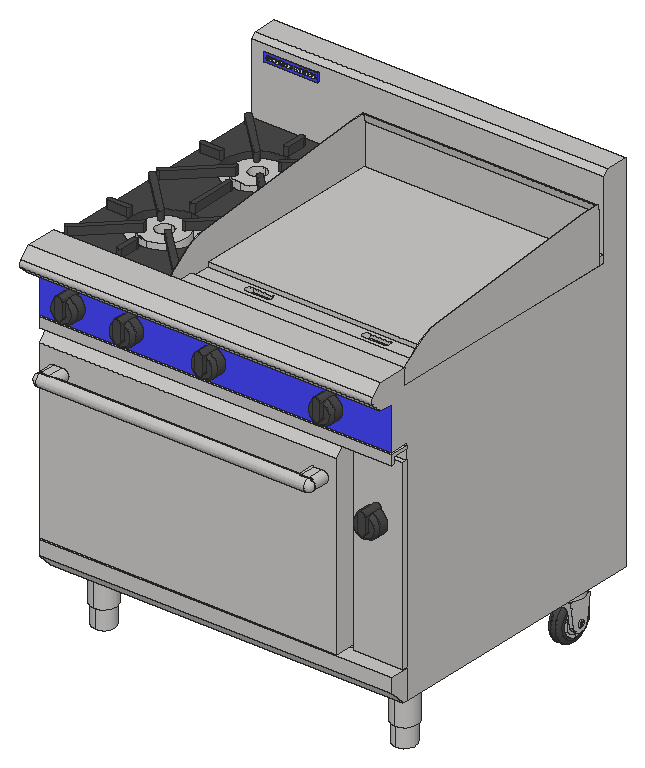
Revit family "QF_MOFFAT_BLUESEAL_CE_G56B", category Specialty Equipment, Revit 2012
Parameters
  Width = 900 mm  # constant formula
  Weight in Pounds = 467
  Watts = 130 W
  Volts = 230 V
  URL Cutsheet = "www.moffat.com"
  URL = "www.moffat.com"
  Type Mark [instance] = ""
  Status [instance] = ""
  Specification by User [instance] = ""
  Specification by Manufacturer = ""
  Show Logo [instance] = yes
  Show Clearance [instance] = yes
  Show Casters [instance] = yes
  Serial Number = ""
  Seismic Rating = ""
  SMACNA No = ""
  Revision Code [instance] = ""
  Phase = 1
  Omniclass Number and Title = ""
  Number of Poles [instance] = 1
  NAFEM Spec ID Number = ""
  Model = "G56B"
  Min Ckt Ampacity = 0 A
  Mechanical Remarks = ""
  Mechanical Connection Type [instance] = ""
  Max Overcurrent Protection = 0 A
  Masterspec = ""
  Manufacturer = "MOFFAT BLUESEAL"
  Legs [instance] = not(Show Casters)  # no
  Item Number [instance] = ""
  Installed By [instance] = ""
  Identify Quantity as Lot [instance] = yes
  Height = 970 mm  # constant formula
  HP = ""
  Gas Size = 3/4"
  Gas RI Height [instance] = 0 mm
  Gas KW [instance] = 35
  Gas Input [instance] = 119424.0 Btu/h
  Gas Connection Height = 0 mm
  Furnished By [instance] = ""
  Foodservice Equipment Identifier [instance] = yes
  FL Amps = 0.6 A
  Electrical Remarks = ""
  Electric Connection Type = ""
  Elec Conn RI Height = 0 mm
  Elec Conn Connection Height = 0 mm
  Description = "900MM GAS RANGE WITH CONVECTION OVEN"
  Depth = 812 mm  # constant formula
  Cycle = 60 Hz
  Conn Plug = ""
  Conn Conduit = yes
  CSI MasterFormat = ""
  CSI Master Format = ""
  Body Finish = QF_Finishes_Stainless Steel
  Apparent Power = 0 VA
Reference planes
  plane 1 "BACK": y = 0
  plane 2: z = 0
  plane 3 "LEFT": x = 0
  plane 4 "RIGHT": x = 900
  plane 5 "FRONT": y = -812
  plane 6 "TOP": z = 970
  plane 7 "Center Y": x = 450
  plane 8 "Center X": y = -406
  plane 9: x = 280
  plane 10: y = -574.272
  plane 11: x = 60
  plane 12: y = -304.972
  plane 13: y = -364.972
  plane 14: x = 74
  plane 15: y = -812
  plane 16: x = 834.5
  plane 17: y = -32
  plane 18: z = 655
  plane 19: y = -100
  plane 20: z = 1085
  plane 21: y = -705
  plane 22: x = 65.8
Forms (mm)
  Extrusion 1, solid, material "QF_Finishes_Stainless Steel" <- "Body Finish"
    sketch origin (0, 0, 0) x (0, 1, 0) y (0, 0, 1)
      loop
        line (0, 150) -> (0, 1085) -> (-57.5, 1085) -> (-70, 1072.5) -> (-70, 875) -> (-705, 875) -> (-705, 915) -> (-783.97, 915) -> (-808.476, 890.494)
        arc (-808.476, 890.494) -> (-811.994, 882) -> (-808.476, 873.506) r 12.013
        line (-808.476, 873.506) -> (-784.97, 850) -> (-749, 850) -> (-749, 740) -> (-699, 740) -> (-699, 150) -> (0, 150)
    from 0 to 900
  Extrusion 2, solid, material "QF_Finishes_Stainless Steel"
    sketch origin (0, 7, 0) x (0, 1, 0) y (0, 0, 1)
      loop
        line (-706, 700) -> (-732, 700) -> (-756, 676) -> (-756, 227.5) -> (-706, 227.5) -> (-706, 700)
    from 0 to 760
  Extrusion 3, solid, material "QF_Finishes_Stainless Steel"
    sketch origin (723.5, 7, 0) x (0, 1, 0) y (0, 0, 1)
      loop
        line (-706, 700) -> (-721, 700) -> (-721, 227.5) -> (-706, 227.5) -> (-706, 700)
    from 51.5 to 176.5
  Revolve 4, solid, material "QF_Finishes_Stainless Steel" <- "Body Finish"
    sketch origin (834.5, -696.126, 0) x (0, 1, 0) y (0, 0, -1)
      loop
        line (39.376, -150) -> (71.126, -150) -> (71.126, 0) -> (43.626, 0) -> (43.626, -50) -> (39.376, -50) -> (39.376, -150)
      axis (71.126, -150) -> (71.126, 0)
    angle from 0 to 360
  Revolve 5, solid, material "QF_Finishes_Stainless Steel" <- "Body Finish"
    sketch origin (65.5, -696.126, 0) x (0, 1, 0) y (0, 0, 1)
      loop
        line (39.376, 150) -> (39.376, 50) -> (43.626, 50) -> (43.626, 0) -> (71.126, 0) -> (71.126, 150) -> (39.376, 150)
      axis (71.126, 150) -> (71.126, 0)
    angle from 0 to 360
  Extrusion 6, solid, material "QF_Finishes_Stainless Steel"
    sketch origin (-64.5, 0, 325) x (1, 0, 0) y (0, 1, 0)
      loop
        circle (834.5, -32) r 10
    from 330 to 371
  Revolve 7, solid, material "QF_Finishes_Black"
    sketch origin (90.649, 45.874, -0.118) x (0, 1, 0) y (0, 0, -1)
      loop
        line (-827.874, -829.5) -> (-804.874, -829.5) -> (-804.874, -802) -> (-794.874, -802) -> (-794.874, -797) -> (-838.874, -797) -> (-838.874, -823.651) -> (-827.874, -829.5)
      axis (-838.874, -797) -> (-794.874, -797)
    angle from 0 to 360
  Revolve 8, solid, material "QF_Finishes_Black"
    sketch origin (240.649, 45.874, -0.118) x (0, 1, 0) y (0, 0, -1)
      loop
        line (-827.874, -829.5) -> (-804.874, -829.5) -> (-804.874, -802) -> (-794.874, -802) -> (-794.874, -797) -> (-838.874, -797) -> (-838.874, -823.651) -> (-827.874, -829.5)
      axis (-838.874, -797) -> (-794.874, -797)
    angle from 0 to 360
  Revolve 9, solid, material "QF_Finishes_Black"
    sketch origin (450, 45.874, -0.118) x (0, 1, 0) y (0, 0, -1)
      loop
        line (-827.874, -829.5) -> (-804.874, -829.5) -> (-804.874, -802) -> (-794.874, -802) -> (-794.874, -797) -> (-838.874, -797) -> (-838.874, -823.651) -> (-827.874, -829.5)
      axis (-838.874, -797) -> (-794.874, -797)
    angle from 0 to 360
  Extrusion 10, solid, material "QF_Finishes_Black"
    sketch origin (238.456, 7, -0.118) x (-1, 0, 0) y (0, 0, -1)
      loop
        arc (158.3, -789) -> (148.3, -779) -> (138.3, -789) r 10
        line (138.3, -789) -> (138.3, -824)
        arc (138.3, -824) -> (148.3, -834) -> (158.3, -824) r 10
        line (158.3, -824) -> (158.3, -789)
    from 759 to 808
  Extrusion 11, solid, material "QF_Finishes_Black"
    sketch origin (388.456, 7, -0.118) x (-1, 0, 0) y (0, 0, -1)
      loop
        arc (158.3, -789) -> (148.3, -779) -> (138.3, -789) r 10
        line (138.3, -789) -> (138.3, -824)
        arc (138.3, -824) -> (148.3, -834) -> (158.3, -824) r 10
        line (158.3, -824) -> (158.3, -789)
    from 759 to 808
  Extrusion 12, solid, material "QF_Finishes_Black"
    sketch origin (597.807, 7, -0.118) x (-1, 0, 0) y (0, 0, -1)
      loop
        arc (158.3, -789) -> (148.3, -779) -> (138.3, -789) r 10
        line (138.3, -789) -> (138.3, -824)
        arc (138.3, -824) -> (148.3, -834) -> (158.3, -824) r 10
        line (158.3, -824) -> (158.3, -789)
    from 759 to 808
  Revolve 13, solid, material "QF_Finishes_Black"
    sketch origin (836.851, 80.874, -245.743) x (0, 1, 0) y (0, 0, 1)
      loop
        line (-827.874, 829.5) -> (-838.874, 823.651) -> (-838.874, 797) -> (-794.874, 797) -> (-794.874, 802) -> (-804.874, 802) -> (-804.874, 829.5) -> (-827.874, 829.5)
      axis (-838.874, 797) -> (-794.874, 797)
    angle from 0 to 360
  Extrusion 14, solid, material "QF_Finishes_Black"
    sketch origin (689.044, 42, -245.743) x (1, 0, 0) y (0, 0, 1)
      loop
        line (158.3, 789) -> (158.3, 824)
        arc (158.3, 824) -> (148.3, 834) -> (138.3, 824) r 10
        line (138.3, 824) -> (138.3, 789)
        arc (138.3, 789) -> (148.3, 779) -> (158.3, 789) r 10
    from 759 to 808
  Extrusion 15, solid, material "QF_Door-Drawer Clearances", visible <- "Show Clearance", detail levels coarse
    sketch origin (0, 7, 0) x (0, -1, 0) y (0, 0, 1)
      loop
        line (756, 697.347) -> (756, 227.5) -> (1225.847, 227.5)
        arc (1225.847, 227.5) -> (1088.232, 559.732) -> (756, 697.347) r 469.847
    from 0 to -760
  Extrusion 16, void
    sketch origin (0, 0, 220) x (1, 0, 0) y (0, 1, 0)
      loop
        line (824, -87) -> (824, 0) -> (694, 0) -> (694, -39) -> (744, -87) -> (824, -87)
    from 0 to 476
  Extrusion 17, solid, material "QF_Finishes_Stainless Steel"
    sketch origin (0, -749, 227.5) x (0, 0, 1) y (-1, 0, 0)
      loop
        line (380.625, -38.246) -> (380.625, -58.528)
        arc (380.625, -58.528) -> (395.625, -73.528) -> (410.625, -58.528) r 15
        line (410.625, -58.528) -> (410.625, -38.246)
        arc (410.625, -38.246) -> (395.625, -23.246) -> (380.625, -38.246) r 15
      loop
        arc (380.625, -723.039) -> (395.625, -738.039) -> (410.625, -723.039) r 15
        line (410.625, -723.039) -> (410.625, -702.757)
        arc (410.625, -702.757) -> (395.625, -687.757) -> (380.625, -702.757) r 15
        line (380.625, -702.757) -> (380.625, -723.039)
    from 0 to 44
  Revolve 18, solid, material "QF_Finishes_Stainless Steel"
    sketch origin (0, -793, 0) x (1, 0, 0) y (0, 0, 1)
      loop
        arc (738.039, 623.125) -> (733.646, 633.732) -> (723.039, 638.125) r 15
        line (723.039, 638.125) -> (38.246, 638.125)
        arc (38.246, 638.125) -> (27.64, 633.732) -> (23.246, 623.125) r 15
        line (23.246, 623.125) -> (738.039, 623.125)
      axis (738.039, 623.125) -> (23.246, 623.125)
    angle from 0 to 360
  Extrusion 19, solid, material "QF_Finishes_Stainless Steel" <- "Body Finish"
    sketch origin (0, 7, 0) x (0, 1, 0) y (0, 0, 1)
      loop
        line (-756, 710) -> (-747.224, 710) -> (-749.613, 726.999) -> (-707.93, 726.999) -> (-707.93, 734.003) -> (-756, 734.003) -> (-756, 710)
    from 0 to 900
  Extrusion 20, solid, material "QF_Finishes_Stainless Steel" <- "Body Finish"
    sketch origin (0, 4.73, 0) x (0, 1, 0) y (0, 0, 1)
      loop
        line (-753.73, 222.5) -> (-753.73, 186) -> (-717.73, 150) -> (-703.73, 150) -> (-703.73, 222.5) -> (-753.73, 222.5)
    from 0 to 900
  Extrusion 21, solid, material "QF_Finishes_Stainless Steel", visible <- "Show Casters"
    sketch origin (71.501, 133.353, -8.783) x (0, 1, 0) y (0, 0, 1)
      loop
        line (-201.603, 118.783) -> (-265.103, 118.783) -> (-252.746, 53.895)
        arc (-252.746, 53.895) -> (-233.353, 38.783) -> (-213.959, 53.895) r 20
        line (-213.959, 53.895) -> (-201.603, 118.783)
    from -35.667 to 22.923
  Revolve 22, solid, material "QF_Finishes_Stainless Steel", visible <- "Show Casters"
    sketch origin (65, -203, 0) x (0, 1, 0) y (0, 0, 1)
      loop
        line (67.25, 150) -> (67.25, 110) -> (103, 110) -> (103, 150) -> (67.25, 150)
      axis (103, 150) -> (103, 110)
    angle from 0 to 360
  Revolve 23, solid, material "QF_Finishes_Stainless Steel", visible <- "Show Casters"
    sketch origin (834.5, -203, 0) x (0, 1, 0) y (0, 0, -1)
      loop
        line (67.25, -150) -> (103, -150) -> (103, -110) -> (67.25, -110) -> (67.25, -150)
      axis (103, -150) -> (103, -110)
    angle from 0 to 360
  Revolve 24, solid, material "QF_Finishes_Stainless Steel", visible <- "Show Casters"
    sketch origin (785.276, -99.755, -13.653) x (1, 0, 0) y (0, 0, 1)
      loop
        line (14.841, 64.453) -> (83.584, 64.453) -> (83.584, 67.958) -> (82.314, 69.228) -> (80.79, 69.228) -> (80.79, 72.674) -> (68.644, 72.674) -> (68.644, 82.639) -> (65.088, 84.692) -> (63.738, 93.028) -> (65.881, 93.028) -> (65.881, 99.378) -> (65.088, 99.378) -> (65.088, 105.728)
        arc (65.088, 105.728) -> (62.298, 112.463) -> (55.563, 115.253) r 9.525
        line (55.563, 115.253) -> (42.863, 115.253)
        arc (42.863, 115.253) -> (36.127, 112.463) -> (33.338, 105.728) r 9.525
        line (33.338, 105.728) -> (33.338, 99.378) -> (32.544, 99.378) -> (32.544, 93.028) -> (34.687, 93.028) -> (33.352, 84.781) -> (29.782, 82.719) -> (29.782, 72.674) -> (17.635, 72.674) -> (17.635, 69.228) -> (16.111, 69.228) -> (14.841, 67.958) -> (14.841, 64.453)
      axis (14.841, 64.453) -> (83.584, 64.453)
    angle from 0 to 360
  Extrusion 25, solid, material "QF_Finishes_Stainless Steel", visible <- "Show Casters"
    sketch origin (841.001, 133.353, -8.783) x (0, 1, 0) y (0, 0, 1)
      loop
        line (-201.603, 118.783) -> (-265.103, 118.783) -> (-252.746, 53.895)
        arc (-252.746, 53.895) -> (-233.353, 38.783) -> (-213.959, 53.895) r 20
        line (-213.959, 53.895) -> (-201.603, 118.783)
    from -35.667 to 22.923
  Revolve 26, solid, material "QF_Finishes_Stainless Steel", visible <- "Legs"
    sketch origin (65, -165, 0) x (0, 1, 0) y (0, 0, 1)
      loop
        line (33.25, 150) -> (33.25, 50) -> (37.5, 50) -> (37.5, 0) -> (65, 0) -> (65, 150) -> (33.25, 150)
      axis (65, 150) -> (65, 0)
    angle from 0 to 360
  Revolve 27, solid, material "QF_Finishes_Stainless Steel", visible <- "Legs"
    sketch origin (834.5, -165, 0) x (0, 1, 0) y (0, 0, -1)
      loop
        line (33.25, -150) -> (65, -150) -> (65, 0) -> (37.5, 0) -> (37.5, -50) -> (33.25, -50) -> (33.25, -150)
      axis (65, -150) -> (65, 0)
    angle from 0 to 360
  Revolve 28, solid, material "QF_Finishes_Stainless Steel", visible <- "Show Casters"
    sketch origin (114.224, -99.755, -13.653) x (-1, 0, 0) y (0, 0, -1)
      loop
        line (14.841, -64.453) -> (14.841, -67.958) -> (16.111, -69.228) -> (17.635, -69.228) -> (17.635, -72.674) -> (29.782, -72.674) -> (29.782, -82.719) -> (33.352, -84.781) -> (34.687, -93.028) -> (32.544, -93.028) -> (32.544, -99.378) -> (33.338, -99.378) -> (33.338, -105.728)
        arc (33.338, -105.728) -> (36.127, -112.463) -> (42.863, -115.253) r 9.525
        line (42.863, -115.253) -> (55.563, -115.253)
        arc (55.563, -115.253) -> (62.298, -112.463) -> (65.088, -105.728) r 9.525
        line (65.088, -105.728) -> (65.088, -99.378) -> (65.881, -99.378) -> (65.881, -93.028) -> (63.738, -93.028) -> (65.088, -84.692) -> (68.644, -82.639) -> (68.644, -72.674) -> (80.79, -72.674) -> (80.79, -69.228) -> (82.314, -69.228) -> (83.584, -67.958) -> (83.584, -64.453) -> (14.841, -64.453)
      axis (14.841, -64.453) -> (83.584, -64.453)
    angle from 0 to 360
  Extrusion 29, solid, material "QF_Finishes_Black"
    sketch origin (0, -70, 875) x (0, -1, 0) y (1, 0, 0)
      loop
        arc (1, 4) -> (1.879, 1.879) -> (4, 1) r 3
        line (4, 1) -> (632, 1)
        arc (632, 1) -> (634.121, 1.879) -> (635, 4) r 3
        line (635, 4) -> (635, 297)
        arc (635, 297) -> (634.121, 299.121) -> (632, 300) r 3
        line (632, 300) -> (4, 300)
        arc (4, 300) -> (1.879, 299.121) -> (1, 297) r 3
        line (1, 297) -> (1, 4)
      loop
        circle (167.5, 150) r 85
      loop
        circle (467.768, 150) r 85
    from 0 to 19.5
  Extrusion 30, solid, material "QF_Finishes_Black"
    sketch origin (0, -73.5, 894.5) x (0, -1, 0) y (1, 0, 0)
      loop
        spline (323.602, 15.153) -> (322.681, 13.924) -> (322.131, 12.47) -> (321.99, 10.89) -> (322.267, 9.292) -> (322.943, 7.786) -> (323.973, 6.473) -> (325.286, 5.443) -> (326.792, 4.767) -> (328.39, 4.49) -> (329.97, 4.631) -> (331.424, 5.181) -> (332.653, 6.102)
        line (332.653, 6.102) -> (440.576, 114.025)
        spline (440.576, 114.025) -> (441.337, 115.095) -> (441.738, 116.399) -> (441.751, 117.851) -> (441.375, 119.35) -> (440.637, 120.795) -> (439.586, 122.086) -> (438.295, 123.137) -> (436.85, 123.875) -> (435.351, 124.251) -> (433.899, 124.238) -> (432.595, 123.837) -> (431.525, 123.076)
        line (431.525, 123.076) -> (323.602, 15.153)
      loop
        spline (371.852, 143.6) -> (373.146, 143.818) -> (374.352, 144.457) -> (375.388, 145.475) -> (376.182, 146.8) -> (376.682, 148.344) -> (376.852, 150) -> (376.682, 151.656) -> (376.182, 153.2) -> (375.388, 154.525) -> (374.352, 155.543) -> (373.146, 156.182) -> (371.852, 156.4)
        line (371.852, 156.4) -> (259.398, 156.4)
        spline (259.398, 156.4) -> (258.104, 156.182) -> (256.898, 155.543) -> (255.862, 154.525) -> (255.068, 153.2) -> (254.568, 151.656) -> (254.398, 150) -> (254.568, 148.344) -> (255.068, 146.8) -> (255.862, 145.475) -> (256.898, 144.457) -> (258.104, 143.818) -> (259.398, 143.6)
        line (259.398, 143.6) -> (371.852, 143.6)
      loop
        line (311.398, 15.153) -> (203.475, 123.076)
        spline (203.475, 123.076) -> (202.405, 123.837) -> (201.101, 124.238) -> (199.649, 124.251) -> (198.15, 123.875) -> (196.705, 123.137) -> (195.414, 122.086) -> (194.363, 120.795) -> (193.625, 119.35) -> (193.249, 117.851) -> (193.262, 116.399) -> (193.663, 115.095) -> (194.424, 114.025)
        line (194.424, 114.025) -> (302.347, 6.102)
        spline (302.347, 6.102) -> (303.416, 5.341) -> (304.721, 4.941) -> (306.172, 4.928) -> (307.671, 5.303) -> (309.116, 6.041) -> (310.408, 7.092) -> (311.459, 8.384) -> (312.197, 9.829) -> (312.572, 11.328) -> (312.559, 12.779) -> (312.159, 14.084) -> (311.398, 15.153)
      loop
        line (323.602, 284.847) -> (431.525, 176.924)
        spline (431.525, 176.924) -> (432.595, 176.163) -> (433.899, 175.762) -> (435.351, 175.749) -> (436.85, 176.125) -> (438.295, 176.863) -> (439.586, 177.914) -> (440.637, 179.205) -> (441.375, 180.65) -> (441.751, 182.149) -> (441.738, 183.601) -> (441.337, 184.905) -> (440.576, 185.975)
        line (440.576, 185.975) -> (332.653, 293.898)
        spline (332.653, 293.898) -> (331.424, 294.819) -> (329.97, 295.369) -> (328.39, 295.51) -> (326.792, 295.233) -> (325.286, 294.557) -> (323.973, 293.527) -> (322.943, 292.214) -> (322.267, 290.708) -> (321.99, 289.11) -> (322.131, 287.53) -> (322.681, 286.076) -> (323.602, 284.847)
      loop
        spline (311.398, 284.847) -> (312.159, 285.916) -> (312.559, 287.221) -> (312.572, 288.672) -> (312.197, 290.171) -> (311.459, 291.616) -> (310.408, 292.908) -> (309.116, 293.959) -> (307.671, 294.697) -> (306.172, 295.072) -> (304.721, 295.059) -> (303.416, 294.659) -> (302.347, 293.898)
        line (302.347, 293.898) -> (194.424, 185.975)
        spline (194.424, 185.975) -> (193.663, 184.905) -> (193.262, 183.601) -> (193.249, 182.149) -> (193.625, 180.65) -> (194.363, 179.205) -> (195.414, 177.914) -> (196.705, 176.863) -> (198.15, 176.125) -> (199.649, 175.749) -> (201.101, 175.762) -> (202.405, 176.163) -> (203.475, 176.924)
        line (203.475, 176.924) -> (311.398, 284.847)
      loop
        spline (73.549, 143.6) -> (74.844, 143.818) -> (76.049, 144.457) -> (77.085, 145.475) -> (77.88, 146.8) -> (78.379, 148.344) -> (78.549, 150) -> (78.379, 151.656) -> (77.88, 153.2) -> (77.085, 154.525) -> (76.049, 155.543) -> (74.844, 156.182) -> (73.549, 156.4)
        line (73.549, 156.4) -> (25.093, 156.4)
        spline (25.093, 156.4) -> (23.799, 156.182) -> (22.593, 155.543) -> (21.558, 154.525) -> (20.763, 153.2) -> (20.264, 151.656) -> (20.093, 150) -> (20.264, 148.344) -> (20.763, 146.8) -> (21.558, 145.475) -> (22.593, 144.457) -> (23.799, 143.818) -> (25.093, 143.6)
        line (25.093, 143.6) -> (73.549, 143.6)
      loop
        spline (608.1, 143.6) -> (609.394, 143.818) -> (610.6, 144.457) -> (611.636, 145.475) -> (612.43, 146.8) -> (612.93, 148.344) -> (613.1, 150) -> (612.93, 151.656) -> (612.43, 153.2) -> (611.636, 154.525) -> (610.6, 155.543) -> (609.394, 156.182) -> (608.1, 156.4)
        line (608.1, 156.4) -> (558.644, 156.4)
        spline (558.644, 156.4) -> (557.35, 156.182) -> (556.144, 155.543) -> (555.108, 154.525) -> (554.314, 153.2) -> (553.814, 151.656) -> (553.644, 150) -> (553.814, 148.344) -> (554.314, 146.8) -> (555.108, 145.475) -> (556.144, 144.457) -> (557.35, 143.818) -> (558.644, 143.6)
        line (558.644, 143.6) -> (608.1, 143.6)
      loop
        spline (457.6, 10.156) -> (457.818, 8.862) -> (458.457, 7.656) -> (459.475, 6.62) -> (460.8, 5.826) -> (462.344, 5.326) -> (464, 5.156) -> (465.656, 5.326) -> (467.2, 5.826) -> (468.525, 6.62) -> (469.543, 7.656) -> (470.182, 8.862) -> (470.4, 10.156)
        line (470.4, 10.156) -> (470.4, 58.612)
        spline (470.4, 58.612) -> (470.182, 59.906) -> (469.543, 61.112) -> (468.525, 62.148) -> (467.2, 62.942) -> (465.656, 63.442) -> (464, 63.612) -> (462.344, 63.442) -> (460.8, 62.942) -> (459.475, 62.148) -> (458.457, 61.112) -> (457.818, 59.906) -> (457.6, 58.612)
        line (457.6, 58.612) -> (457.6, 10.156)
      loop
        spline (160.966, 10.156) -> (161.184, 8.862) -> (161.823, 7.656) -> (162.841, 6.62) -> (164.166, 5.826) -> (165.71, 5.326) -> (167.366, 5.156) -> (169.022, 5.326) -> (170.566, 5.826) -> (171.892, 6.62) -> (172.909, 7.656) -> (173.548, 8.862) -> (173.766, 10.156)
        line (173.766, 10.156) -> (173.766, 58.612)
        spline (173.766, 58.612) -> (173.548, 59.906) -> (172.909, 61.112) -> (171.892, 62.148) -> (170.566, 62.942) -> (169.022, 63.442) -> (167.366, 63.612) -> (165.71, 63.442) -> (164.166, 62.942) -> (162.841, 62.148) -> (161.823, 61.112) -> (161.184, 59.906) -> (160.966, 58.612)
        line (160.966, 58.612) -> (160.966, 10.156)
      loop
        spline (457.6, 241.636) -> (457.818, 240.342) -> (458.457, 239.136) -> (459.475, 238.1) -> (460.8, 237.306) -> (462.344, 236.806) -> (464, 236.636) -> (465.656, 236.806) -> (467.2, 237.306) -> (468.525, 238.1) -> (469.543, 239.136) -> (470.182, 240.342) -> (470.4, 241.636)
        line (470.4, 241.636) -> (470.4, 290.092)
        spline (470.4, 290.092) -> (470.182, 291.386) -> (469.543, 292.592) -> (468.525, 293.628) -> (467.2, 294.422) -> (465.656, 294.922) -> (464, 295.092) -> (462.344, 294.922) -> (460.8, 294.422) -> (459.475, 293.628) -> (458.457, 292.592) -> (457.818, 291.386) -> (457.6, 290.092)
        line (457.6, 290.092) -> (457.6, 241.636)
      loop
        spline (160.966, 241.636) -> (161.184, 240.342) -> (161.823, 239.136) -> (162.841, 238.1) -> (164.166, 237.306) -> (165.71, 236.806) -> (167.366, 236.636) -> (169.022, 236.806) -> (170.566, 237.306) -> (171.892, 238.1) -> (172.909, 239.136) -> (173.548, 240.342) -> (173.766, 241.636)
        line (173.766, 241.636) -> (173.766, 290.092)
        spline (173.766, 290.092) -> (173.548, 291.386) -> (172.909, 292.592) -> (171.892, 293.628) -> (170.566, 294.422) -> (169.022, 294.922) -> (167.366, 295.092) -> (165.71, 294.922) -> (164.166, 294.422) -> (162.841, 293.628) -> (161.823, 292.592) -> (161.184, 291.386) -> (160.966, 290.092)
        line (160.966, 290.092) -> (160.966, 241.636)
      loop
        line (604.398, 15.153) -> (496.475, 123.076)
        spline (496.475, 123.076) -> (495.405, 123.837) -> (494.101, 124.238) -> (492.649, 124.251) -> (491.15, 123.875) -> (489.705, 123.137) -> (488.414, 122.086) -> (487.363, 120.795) -> (486.625, 119.35) -> (486.249, 117.851) -> (486.262, 116.399) -> (486.663, 115.095) -> (487.424, 114.025)
        line (487.424, 114.025) -> (595.347, 6.102)
        spline (595.347, 6.102) -> (596.576, 5.181) -> (598.03, 4.631) -> (599.61, 4.49) -> (601.208, 4.767) -> (602.714, 5.443) -> (604.027, 6.473) -> (605.057, 7.786) -> (605.733, 9.292) -> (606.01, 10.89) -> (605.869, 12.47) -> (605.319, 13.924) -> (604.398, 15.153)
      loop
        spline (604.398, 284.847) -> (605.319, 286.076) -> (605.869, 287.53) -> (606.01, 289.11) -> (605.733, 290.708) -> (605.057, 292.214) -> (604.027, 293.527) -> (602.714, 294.557) -> (601.208, 295.233) -> (599.61, 295.51) -> (598.03, 295.369) -> (596.576, 294.819) -> (595.347, 293.898)
        line (595.347, 293.898) -> (487.424, 185.975)
        spline (487.424, 185.975) -> (486.663, 184.905) -> (486.262, 183.601) -> (486.249, 182.149) -> (486.625, 180.65) -> (487.363, 179.205) -> (488.414, 177.914) -> (489.705, 176.863) -> (491.15, 176.125) -> (492.649, 175.749) -> (494.101, 175.762) -> (495.405, 176.163) -> (496.475, 176.924)
        line (496.475, 176.924) -> (604.398, 284.847)
      loop
        spline (16.602, 15.153) -> (15.841, 14.084) -> (15.441, 12.779) -> (15.428, 11.328) -> (15.803, 9.829) -> (16.541, 8.384) -> (17.592, 7.092) -> (18.884, 6.041) -> (20.329, 5.303) -> (21.828, 4.928) -> (23.279, 4.941) -> (24.584, 5.341) -> (25.653, 6.102)
        line (25.653, 6.102) -> (133.576, 114.025)
        spline (133.576, 114.025) -> (134.337, 115.095) -> (134.738, 116.399) -> (134.751, 117.851) -> (134.375, 119.35) -> (133.637, 120.795) -> (132.586, 122.086) -> (131.295, 123.137) -> (129.85, 123.875) -> (128.351, 124.251) -> (126.899, 124.238) -> (125.595, 123.837) -> (124.525, 123.076)
        line (124.525, 123.076) -> (16.602, 15.153)
      loop
        line (16.602, 284.847) -> (124.525, 176.924)
        spline (124.525, 176.924) -> (125.595, 176.163) -> (126.899, 175.762) -> (128.351, 175.749) -> (129.85, 176.125) -> (131.295, 176.863) -> (132.586, 177.914) -> (133.637, 179.205) -> (134.375, 180.65) -> (134.751, 182.149) -> (134.738, 183.601) -> (134.337, 184.905) -> (133.576, 185.975)
        line (133.576, 185.975) -> (25.653, 293.898)
        spline (25.653, 293.898) -> (24.584, 294.659) -> (23.279, 295.059) -> (21.828, 295.072) -> (20.329, 294.697) -> (18.884, 293.959) -> (17.592, 292.908) -> (16.541, 291.616) -> (15.803, 290.171) -> (15.428, 288.672) -> (15.441, 287.221) -> (15.841, 285.916) -> (16.602, 284.847)
    from 0 to 20.5
  Extrusion 31, solid, material "QF_Finishes_Stainless Steel"
    sketch origin (0, -70, 875) x (0, -1, 0) y (1, 0, 0)
      loop
        circle (467.5, 150) r 57
      loop
        circle (167.5, 150) r 57
      loop
        circle (467.5, 150) r 22
      loop
        circle (167.5, 150) r 22
    from 0 to 19.5
  Extrusion 32, solid, material "QF_Finishes_Stainless Steel"
    sketch origin (0, 0, 0) x (1, 0, 0) y (0, 1, 0)
      loop
        circle (826, -501) r 6.35
    from 150 to 147.817
  Revolve 33, solid, material "QF_Finishes_Black"
    sketch origin (749.774, 45.874, -0.118) x (0, 1, 0) y (0, 0, -1)
      loop
        line (-827.874, -829.5) -> (-804.874, -829.5) -> (-804.874, -802) -> (-794.874, -802) -> (-794.874, -797) -> (-838.874, -797) -> (-838.874, -823.651) -> (-827.874, -829.5)
      axis (-838.874, -797) -> (-794.874, -797)
    angle from 0 to 360
  Extrusion 34, solid, material "QF_Finishes_Black"
    sketch origin (897.581, 7, -0.118) x (-1, 0, 0) y (0, 0, -1)
      loop
        arc (158.3, -789) -> (148.3, -779) -> (138.3, -789) r 10
        line (138.3, -789) -> (138.3, -824)
        arc (138.3, -824) -> (148.3, -834) -> (158.3, -824) r 10
        line (158.3, -824) -> (158.3, -789)
    from 759 to 808
Cuts and joins
  Extrusion 16 cuts Extrusion 1
Lines and regions (mm)
  Split face 1
    outline origin (900, 0, 1085) x (-1, 0, 0) y (0, -1, 0)
      loop
        arc (867.206, 18.385) -> (875.866, 23.385) -> (875.866, 33.385) r 10
        line (875.866, 33.385) -> (871.824, 40.385)
        arc (871.824, 40.385) -> (868.164, 44.045) -> (863.164, 45.385) r 10
        line (863.164, 45.385) -> (635.206, 45.385)
        arc (635.206, 45.385) -> (626.545, 40.385) -> (626.545, 30.385) r 10
        line (626.545, 30.385) -> (630.587, 23.385)
        arc (630.587, 23.385) -> (634.247, 19.725) -> (639.247, 18.385) r 10
        line (639.247, 18.385) -> (867.206, 18.385)
  Split face 2
    outline origin (900, 0, 1085) x (-1, 0, 0) y (0, -1, 0)
      loop
        arc (567.206, 18.385) -> (575.866, 23.385) -> (575.866, 33.385) r 10
        line (575.866, 33.385) -> (571.824, 40.385)
        arc (571.824, 40.385) -> (568.164, 44.045) -> (563.164, 45.385) r 10
        line (563.164, 45.385) -> (335.206, 45.385)
        arc (335.206, 45.385) -> (326.545, 40.385) -> (326.545, 30.385) r 10
        line (326.545, 30.385) -> (330.587, 23.385)
        arc (330.587, 23.385) -> (334.247, 19.725) -> (339.247, 18.385) r 10
        line (339.247, 18.385) -> (567.206, 18.385)
  Split face 3
    outline origin (900, 0, 1085) x (-1, 0, 0) y (0, -1, 0)
      loop
        arc (35.206, 45.385) -> (26.545, 40.385) -> (26.545, 30.385) r 10
        line (26.545, 30.385) -> (30.587, 23.385)
        arc (30.587, 23.385) -> (34.247, 19.725) -> (39.247, 18.385) r 10
        line (39.247, 18.385) -> (267.206, 18.385)
        arc (267.206, 18.385) -> (275.866, 23.385) -> (275.866, 33.385) r 10
        line (275.866, 33.385) -> (271.824, 40.385)
        arc (271.824, 40.385) -> (268.164, 44.045) -> (263.164, 45.385) r 10
        line (263.164, 45.385) -> (35.206, 45.385)
  symbolic lines
    curve 1: line (0, 0, 0) -> (0, -812, 0)
    curve 2: line (900, 0, 0) -> (0, 0, 0)
    curve 3: line (900, -812, 0) -> (900, 0, 0)
    curve 4: line (0, -70, 0) -> (900, -70, 0)
    curve 5: line (900, -812, 0) -> (0, -812, 0)
    curve 6: line (900, -705, 0) -> (0, -705, 0)
    curve 7: line (0, -701.7, 0) -> (900, -701.7, 0)
    curve 8: line (900, -72.734, 0) -> (0, -72.734, 0)
    curve 9: arc (22.65, -812, 0) -> (34.104, -822.278, 0) -> (48.889, -826.544, 0) r 34.455
    curve 10: line (48.889, -826.544, 0) -> (721.858, -826.544, 0)
    curve 11: arc (721.858, -826.544, 0) -> (736.403, -822.647, 0) -> (747.05, -812, 0) r 29.089
    curve 15: line (300, -72.734, 0) -> (300, -701.7, 0)
    curve 16: line (0, -391, 0) -> (300, -391, 0)
    curve 17: line (149.988, -331.778, 0) -> (149.988, -448.358, 0)
    curve 18: line (150.034, -681.268, 0) -> (150.034, -628.558, 0)
    curve 19: line (9.26, -537.634, 0) -> (59.26, -537.634, 0)
    curve 20: line (178.593, -512.407, 0) -> (291.73, -399.27, 0)
    curve 21: line (291.767, -537.634, 0) -> (240.041, -537.634, 0)
    curve 22: arc (150, -480.5, 150) -> (207, -537.5, 150) -> (150, -594.5, 150) r 57
    curve 23: arc (150, -594.5, 150) -> (93, -537.5, 150) -> (150, -480.5, 150) r 57
    curve 24: arc (150, -622.768, 150) -> (235, -537.768, 150) -> (150, -452.768, 150) r 85
    curve 25: arc (150, -452.768, 150) -> (65, -537.768, 150) -> (150, -622.768, 150) r 85
    curve 26: arc (150, -515.5, 150) -> (128, -537.5, 150) -> (150, -559.5, 150) r 22
    curve 27: arc (150, -559.5, 150) -> (172, -537.5, 150) -> (150, -515.5, 150) r 22
    curve 28: line (121.407, -512.407, 0) -> (8.27, -399.27, 0)
    curve 29: line (178.593, -562.593, 0) -> (291.73, -675.73, 0)
    curve 30: line (121.407, -562.593, 0) -> (8.27, -675.73, 0)
    curve 31: line (150.034, -96.281, 0) -> (150.034, -149.16, 0)
    curve 32: line (178.593, -269.593, 0) -> (291.73, -382.73, 0)
    curve 33: line (121.407, -269.593, 0) -> (8.27, -382.73, 0)
    curve 34: line (9.26, -241, 0) -> (59.26, -241, 0)
    curve 35: line (291.767, -241, 0) -> (240.041, -241, 0)
    curve 36: arc (150, -322.5, 150) -> (235, -237.5, 150) -> (150, -152.5, 150) r 85
    curve 37: arc (150, -152.5, 150) -> (65, -237.5, 150) -> (150, -322.5, 150) r 85
    curve 38: arc (150, -180.5, 150) -> (207, -237.5, 150) -> (150, -294.5, 150) r 57
    curve 39: arc (150, -294.5, 150) -> (93, -237.5, 150) -> (150, -180.5, 150) r 57
    curve 40: arc (150, -259.5, 150) -> (172, -237.5, 150) -> (150, -215.5, 150) r 22
    curve 41: arc (150, -215.5, 150) -> (128, -237.5, 150) -> (150, -259.5, 150) r 22
    curve 42: line (178.593, -205.407, 0) -> (291.73, -92.27, 0)
    curve 43: line (121.407, -205.407, 0) -> (8.27, -92.27, 0)
    curve 44: line (32.794, -18.385, 0) -> (260.753, -18.385, 0)
    curve 45: arc (260.753, -18.385, 0) -> (265.753, -19.725, 0) -> (269.413, -23.385, 0) r 10
    curve 46: line (269.413, -23.385, 0) -> (273.455, -30.385, 0)
    curve 47: arc (273.455, -30.385, 0) -> (273.455, -40.385, 0) -> (264.794, -45.385, 0) r 10
    curve 48: line (264.794, -45.385, 0) -> (36.836, -45.385, 0)
    curve 49: arc (36.836, -45.385, 0) -> (31.836, -44.045, 0) -> (28.176, -40.385, 0) r 10
    curve 50: line (28.176, -40.385, 0) -> (24.134, -33.385, 0)
    curve 51: arc (24.134, -33.385, 0) -> (24.134, -23.385, 0) -> (32.794, -18.385, 0) r 10
    curve 52: line (560.753, -18.385, 0) -> (332.794, -18.385, 0)
    curve 53: arc (332.794, -18.385, 0) -> (324.134, -23.385, 0) -> (324.134, -33.385, 0) r 10
    curve 54: line (324.134, -33.385, 0) -> (328.176, -40.385, 0)
    curve 55: arc (328.176, -40.385, 0) -> (331.836, -44.045, 0) -> (336.836, -45.385, 0) r 10
    curve 56: line (336.836, -45.385, 0) -> (564.794, -45.385, 0)
    curve 57: arc (564.794, -45.385, 0) -> (573.455, -40.385, 0) -> (573.455, -30.385, 0) r 10
    curve 58: line (573.455, -30.385, 0) -> (569.413, -23.385, 0)
    curve 59: arc (569.413, -23.385, 0) -> (565.753, -19.725, 0) -> (560.753, -18.385, 0) r 10
    curve 60: line (632.794, -18.385, 0) -> (860.753, -18.385, 0)
    curve 61: arc (860.753, -18.385, 0) -> (865.753, -19.725, 0) -> (869.413, -23.385, 0) r 10
    curve 62: line (869.413, -23.385, 0) -> (873.455, -30.385, 0)
    curve 63: arc (873.455, -30.385, 0) -> (873.455, -40.385, 0) -> (864.794, -45.385, 0) r 10
    curve 64: line (864.794, -45.385, 0) -> (636.836, -45.385, 0)
    curve 65: arc (636.836, -45.385, 0) -> (631.836, -44.045, 0) -> (628.176, -40.385, 0) r 10
    curve 66: line (628.176, -40.385, 0) -> (624.134, -33.385, 0)
    curve 67: arc (624.134, -33.385, 0) -> (624.134, -23.385, 0) -> (632.794, -18.385, 0) r 10
    curve 68: line (0, -783.97, 0) -> (900, -783.97, 0)
    curve 69: line (0, -57.5, 0) -> (900, -57.5, 0)
  symbolic lines, style "QF_Door-Drawer Clearances", visible <- "Show Clearance"
    curve 12: line (0, -1218.847, 0) -> (0, -812, 0)
    curve 13: line (0, -1218.847, 0) -> (760, -1218.847, 0)
    curve 14: line (760, -1218.847, 0) -> (760, -812, 0)
Dimensions and locks
  equal spacing: plane 3 "LEFT", plane 7 "Center Y", plane 4 "RIGHT"
  "Width": plane 3 "LEFT" to plane 4 "RIGHT"
  equal spacing: plane 5 "FRONT", plane 8 "Center X", plane 1 "BACK"
  plane 5 "FRONT" to plane 1 "BACK" = 812 mm  (x2)
  equal spacing: plane 4 "RIGHT", plane 7 "Center Y", plane 3 "LEFT"
  plane 4 "RIGHT" to plane 3 "LEFT" = 900 mm
  "Height": plane 6 "TOP" to level
  plane 10 to plane 1 "BACK" = 574.272 mm
  plane 12 to plane 1 "BACK" = 304.972 mm  (x2)
  plane 11 to plane 3 "LEFT" = 60 mm
  plane 14 to plane 3 "LEFT" = 74 mm
  plane 9 to plane 3 "LEFT" = 280 mm
  "Depth": plane 1 "BACK" to plane 15
  plane 15 to plane 5 "FRONT" = 0 mm
  plane 6 "TOP" to plane 2 = 970 mm
  plane 2 to Extrusion 1 sketch curve = 875 mm
  locked: plane 2 to Extrusion 1 sketch curve at 915
  Revolve 24 sketch curve to Revolve 24 sketch curve = 50.8 mm
  Revolve 28 sketch curve to Revolve 28 sketch curve = 50.8 mm
  plane 20 to level = 1085 mm
  Extrusion 29 sketch curve to plane 22 = 64.8 mm
  Extrusion 32 sketch curve to plane 1 "BACK" = 501 mm
  Extrusion 32 sketch curve to plane 4 "RIGHT" = 74 mm
  aligned and locked: level to plane 2
  aligned and locked: curve 3 to plane 4 "RIGHT"
Automatic sketch dimensions
  plane 1 "BACK" to curve 1 = 0 mm
  curve 1 to plane 3 "LEFT" = 0 mm
  plane 5 "FRONT" to curve 9 = 0 mm
  plane 21 to curve 6 = 0 mm
  plane 3 "LEFT" to curve 28 = 8.27 mm
  plane 3 "LEFT" to curve 33 = 8.27 mm
  plane 3 "LEFT" to curve 43 = 8.27 mm
  plane 3 "LEFT" to curve 30 = 8.27 mm
  plane 3 "LEFT" to curve 34 = 9.26 mm
  plane 3 "LEFT" to curve 19 = 9.26 mm
  plane 3 "LEFT" to curve 9 = 22.65 mm
  curve 50 to plane 17 = 1.385 mm
  plane 3 "LEFT" to curve 50 = 24.134 mm
  curve 50 to plane 17 = 8.385 mm
  curve 50 to curve 50 = 4.041 mm
  plane 17 to curve 51 = 13.615 mm
  curve 51 to curve 51 = 8.66 mm
  curve 50 to curve 49 = 8.66 mm
  curve 9 to plane 11 = 11.111 mm
  curve 9 to plane 11 = 9.192 mm
  curve 34 to plane 11 = 0.74 mm
  curve 19 to plane 11 = 0.74 mm
  plane 14 to curve 33 = 47.407 mm
  plane 14 to curve 43 = 47.407 mm
  plane 10 to curve 30 = 11.679 mm
  plane 14 to curve 30 = 47.407 mm
  plane 14 to curve 28 = 47.407 mm
  curve 17 to plane 12 = 26.806 mm
  curve 33 to curve 17 = 28.581 mm
  curve 43 to curve 31 = 28.628 mm
  curve 30 to curve 18 = 28.628 mm
  curve 43 to curve 42 = 57.187 mm
  curve 28 to curve 20 = 57.187 mm
  plane 10 to curve 29 = 11.679 mm
  curve 29 to curve 20 = 0 mm
  plane 12 to curve 32 = 35.379 mm
  curve 33 to curve 32 = 57.187 mm
  curve 21 to plane 9 = 39.959 mm
  curve 35 to plane 9 = 39.959 mm
  plane 17 to curve 45 = 3.615 mm
  curve 45 to plane 9 = 19.247 mm
  curve 47 to plane 17 = 3.385 mm
  curve 45 to curve 47 = 4.041 mm
  plane 17 to curve 45 = 8.615 mm
  plane 17 to curve 46 = 1.615 mm
  curve 46 to plane 9 = 6.545 mm
  plane 9 to curve 42 = 11.73 mm
  plane 9 to curve 29 = 11.73 mm
  plane 9 to curve 32 = 11.73 mm
  plane 9 to curve 20 = 11.73 mm
  plane 9 to curve 35 = 11.767 mm
  plane 9 to curve 21 = 11.767 mm
  plane 9 to curve 15 = 20 mm
  curve 54 to plane 17 = 1.385 mm
  plane 9 to curve 54 = 44.134 mm
  curve 54 to curve 55 = 4.041 mm
  curve 53 to curve 53 = 8.66 mm
  curve 55 to plane 17 = 3.385 mm
  curve 53 to curve 55 = 4.041 mm
  plane 17 to curve 59 = 3.615 mm
  plane 7 "Center Y" to curve 59 = 110.753 mm
  curve 57 to plane 17 = 3.385 mm
  curve 59 to curve 57 = 4.041 mm
  plane 17 to curve 58 = 8.615 mm
  curve 52 to curve 58 = 8.66 mm
  plane 17 to curve 58 = 1.615 mm
  curve 58 to curve 58 = 4.041 mm
  curve 67 to plane 17 = 1.385 mm
  curve 58 to curve 67 = 50.679 mm
  curve 66 to plane 17 = 8.385 mm
  curve 66 to curve 66 = 4.041 mm
  plane 17 to curve 67 = 13.615 mm
  curve 67 to curve 67 = 8.66 mm
  curve 65 to plane 17 = 3.385 mm
  curve 67 to curve 65 = 4.041 mm
  plane 5 "FRONT" to curve 10 = 14.544 mm
  curve 10 to plane 16 = 112.642 mm
  curve 11 to curve 11 = 25.191 mm
  curve 11 to curve 14 = 12.95 mm
  plane 16 to curve 61 = 26.253 mm
  curve 63 to plane 17 = 3.385 mm
  curve 61 to curve 63 = 4.041 mm
  plane 17 to curve 62 = 8.615 mm
  curve 60 to curve 62 = 8.66 mm
  plane 17 to curve 62 = 1.615 mm
  curve 13 to curve 10 = 392.303 mm
  curve 68 to plane 5 "FRONT" = 28.03 mm
  curve 15 to plane 21 = 3.3 mm
  curve 18 to plane 21 = 23.732 mm
  curve 7 to curve 30 = 25.97 mm
  curve 15 to curve 29 = 25.97 mm
  curve 18 to curve 18 = 52.71 mm
  plane 10 to curve 21 = 36.638 mm
  plane 10 to curve 19 = 36.638 mm
  curve 30 to curve 28 = 50.187 mm
  curve 29 to curve 20 = 50.187 mm
  curve 17 to plane 8 "Center X" = 42.358 mm
  plane 8 "Center X" to curve 28 = 6.73 mm
  plane 8 "Center X" to curve 20 = 6.73 mm
  curve 28 to curve 16 = 8.27 mm
  curve 16 to curve 32 = 8.27 mm
  curve 16 to curve 33 = 8.27 mm
  plane 12 to curve 33 = 35.379 mm
  plane 12 to curve 35 = 63.972 mm
  plane 12 to curve 34 = 63.972 mm
  curve 33 to curve 43 = 64.187 mm
  curve 43 to curve 42 = 0 mm
  curve 31 to plane 19 = 49.16 mm
  plane 19 to curve 31 = 3.719 mm
  plane 19 to curve 42 = 7.73 mm
  plane 19 to curve 43 = 7.73 mm
  plane 19 to curve 8 = 27.266 mm
  curve 8 to curve 4 = 2.734 mm
  curve 4 to curve 69 = 12.5 mm
  Extrusion 1 sketch curve to plane 21 = 0 mm
  Extrusion 1 sketch curve to plane 20 = 0 mm
  Extrusion 1 sketch curve to plane 1 "BACK" = 0 mm
  plane 21 to Extrusion 1 sketch curve = 44 mm
  Extrusion 1 sketch curve to plane 5 "FRONT" = 28.03 mm
  Extrusion 1 sketch curve to plane 5 "FRONT" = 27.03 mm
  Extrusion 1 sketch curve to plane 5 "FRONT" = 12.018 mm
  Extrusion 1 sketch curve to plane 5 "FRONT" = 3.524 mm  (x2)
  Extrusion 1 sketch curve to plane 21 = 6 mm
  Extrusion 1 sketch curve to plane 20 = 12.5 mm
  plane 19 to Extrusion 1 sketch curve = 30 mm
  Extrusion 1 sketch curve to Extrusion 1 sketch curve = 12.5 mm
  Extrusion 1 sketch curve to Extrusion 1 sketch curve = 41.494 mm
  Extrusion 1 sketch curve to Extrusion 1 sketch curve = 25 mm
  plane 18 to Extrusion 1 sketch curve = 85 mm
  level to Extrusion 1 sketch curve = 150 mm
  Extrusion 1 sketch curve to Extrusion 1 sketch curve = 8.494 mm
  plane 21 to Extrusion 2 sketch curve = 44 mm
  plane 21 to Extrusion 2 sketch curve = 20 mm
  Extrusion 2 sketch curve to plane 21 = 6 mm
  level to Extrusion 2 sketch curve = 227.5 mm
  plane 18 to Extrusion 2 sketch curve = 21 mm
  plane 18 to Extrusion 2 sketch curve = 45 mm
  plane 21 to Extrusion 3 sketch curve = 9 mm
  Extrusion 3 sketch curve to plane 21 = 6 mm
  level to Extrusion 3 sketch curve = 227.5 mm
  plane 18 to Extrusion 3 sketch curve = 45 mm
  Revolve 4 sketch curve to level = 0 mm
  Revolve 4 sketch curve to plane 21 = 48.25 mm
  Revolve 4 sketch curve to Revolve 4 sketch curve = 4.25 mm
  Revolve 4 sketch curve to Revolve 4 sketch curve = 27.5 mm  (x2)
  level to Revolve 4 sketch curve = 50 mm
  Revolve 4 sketch curve to Revolve 4 sketch curve = 0 mm
  Revolve 4 sketch curve to Revolve 4 sketch curve = 100 mm
  Revolve 4 sketch curve to Revolve 4 sketch curve = 55 mm
  Revolve 5 sketch curve to level = 0 mm
  Revolve 5 sketch curve to plane 21 = 48.25 mm
  Revolve 5 sketch curve to Revolve 5 sketch curve = 4.25 mm
  Revolve 5 sketch curve to Revolve 5 sketch curve = 27.5 mm  (x2)
  Revolve 5 sketch curve to level = 55 mm
  Revolve 5 sketch curve to Revolve 5 sketch curve = 50 mm
  Revolve 5 sketch curve to Revolve 5 sketch curve = 0 mm
  Revolve 5 sketch curve to Revolve 5 sketch curve = 100 mm
  Extrusion 6 sketch curve to plane 17 = 0 mm
  Extrusion 6 sketch curve to plane 16 = 64.5 mm
  Revolve 7 sketch curve to plane 5 "FRONT" = 19 mm
  Revolve 7 sketch curve to Revolve 7 sketch curve = 0 mm  (x2)
  Revolve 7 sketch curve to Revolve 7 sketch curve = 11 mm
  Revolve 7 sketch curve to Revolve 7 sketch curve = 12.7 mm
  Revolve 7 sketch curve to Revolve 7 sketch curve = 23 mm
  Revolve 7 sketch curve to Revolve 7 sketch curve = 10 mm
  Revolve 7 sketch curve to plane 6 "TOP" = 140.618 mm
  Revolve 7 sketch curve to Revolve 7 sketch curve = 5.849 mm
  Revolve 7 sketch curve to Revolve 7 sketch curve = 27.5 mm
  Revolve 7 sketch curve to Revolve 7 sketch curve = 5 mm
  Revolve 8 sketch curve to plane 5 "FRONT" = 19 mm
  Revolve 8 sketch curve to Revolve 8 sketch curve = 0 mm  (x2)
  Revolve 8 sketch curve to Revolve 8 sketch curve = 11 mm
  Revolve 8 sketch curve to Revolve 8 sketch curve = 12.7 mm
  Revolve 8 sketch curve to Revolve 8 sketch curve = 23 mm
  Revolve 8 sketch curve to Revolve 8 sketch curve = 10 mm
  Revolve 8 sketch curve to plane 6 "TOP" = 140.618 mm
  Revolve 8 sketch curve to Revolve 8 sketch curve = 5.849 mm
  Revolve 8 sketch curve to Revolve 8 sketch curve = 27.5 mm
  Revolve 8 sketch curve to Revolve 8 sketch curve = 5 mm
  Revolve 9 sketch curve to plane 5 "FRONT" = 19 mm
  Revolve 9 sketch curve to Revolve 9 sketch curve = 0 mm  (x2)
  Revolve 9 sketch curve to Revolve 9 sketch curve = 11 mm
  Revolve 9 sketch curve to Revolve 9 sketch curve = 12.7 mm
  Revolve 9 sketch curve to Revolve 9 sketch curve = 23 mm
  Revolve 9 sketch curve to Revolve 9 sketch curve = 10 mm
  Revolve 9 sketch curve to plane 6 "TOP" = 140.618 mm
  Revolve 9 sketch curve to Revolve 9 sketch curve = 5.849 mm
  Revolve 9 sketch curve to Revolve 9 sketch curve = 27.5 mm
  Revolve 9 sketch curve to Revolve 9 sketch curve = 5 mm
  plane 14 to Extrusion 10 sketch curve = 26.156 mm
  Extrusion 10 sketch curve to Extrusion 10 sketch curve = 10 mm
  Extrusion 10 sketch curve to plane 6 "TOP" = 146.118 mm
  Extrusion 10 sketch curve to Extrusion 10 sketch curve = 35 mm
  Extrusion 11 sketch curve to plane 9 = 29.844 mm
  Extrusion 11 sketch curve to Extrusion 11 sketch curve = 10 mm
  Extrusion 11 sketch curve to plane 6 "TOP" = 146.118 mm
  Extrusion 11 sketch curve to Extrusion 11 sketch curve = 35 mm
  plane 7 "Center Y" to Extrusion 12 sketch curve = 9.507 mm
  Extrusion 12 sketch curve to plane 7 "Center Y" = 0.493 mm
  Extrusion 12 sketch curve to plane 6 "TOP" = 146.118 mm
  Extrusion 12 sketch curve to Extrusion 12 sketch curve = 35 mm
  plane 21 to Revolve 13 sketch curve = 53 mm
  Revolve 13 sketch curve to Revolve 13 sketch curve = 0 mm  (x2)
  Revolve 13 sketch curve to Revolve 13 sketch curve = 11 mm
  Revolve 13 sketch curve to Revolve 13 sketch curve = 12.7 mm
  plane 21 to Revolve 13 sketch curve = 19 mm
  plane 21 to Revolve 13 sketch curve = 9 mm
  Revolve 13 sketch curve to plane 18 = 103.743 mm
  Revolve 13 sketch curve to Revolve 13 sketch curve = 5 mm
  Revolve 13 sketch curve to Revolve 13 sketch curve = 26.651 mm
  Revolve 13 sketch curve to Revolve 13 sketch curve = 5.849 mm
  Extrusion 14 sketch curve to plane 16 = 7.156 mm
  plane 16 to Extrusion 14 sketch curve = 2.844 mm
  Extrusion 14 sketch curve to plane 18 = 111.743 mm
  Extrusion 14 sketch curve to Extrusion 14 sketch curve = 35 mm
  plane 21 to Extrusion 15 sketch curve = 44 mm
  level to Extrusion 15 sketch curve = 227.5 mm
  plane 5 "FRONT" to Extrusion 15 sketch curve = 406.847 mm
  plane 1 "BACK" to Extrusion 16 sketch curve = 0 mm
  Extrusion 16 sketch curve to plane 17 = 7 mm
  Extrusion 16 sketch curve to plane 16 = 140.5 mm
  plane 19 to Extrusion 16 sketch curve = 13 mm
  Extrusion 16 sketch curve to Extrusion 16 sketch curve = 50 mm
  Extrusion 16 sketch curve to plane 16 = 10.5 mm
  Extrusion 17 sketch curve to plane 11 = 1.472 mm
  Extrusion 17 sketch curve to plane 18 = 46.875 mm  (x2)
  Extrusion 17 sketch curve to Extrusion 17 sketch curve = 15 mm  (x2)
  Extrusion 17 sketch curve to plane 16 = 131.743 mm
  Extrusion 17 sketch curve to Extrusion 17 sketch curve = 20.282 mm  (x2)
  Revolve 18 sketch curve to plane 3 "LEFT" = 6.961 mm
  plane 3 "LEFT" to Revolve 18 sketch curve = 23.246 mm
  Revolve 18 sketch curve to plane 18 = 16.875 mm
  Revolve 18 sketch curve to Revolve 18 sketch curve = 15 mm
  Revolve 18 sketch curve to plane 18 = 31.875 mm
  plane 7 "Center Y" to Revolve 18 sketch curve = 138.039 mm
  Revolve 18 sketch curve to plane 16 = 111.461 mm
  plane 21 to Extrusion 19 sketch curve = 44 mm
  Extrusion 19 sketch curve to Extrusion 19 sketch curve = 6.387 mm
  Extrusion 19 sketch curve to Extrusion 19 sketch curve = 8.776 mm
  Extrusion 19 sketch curve to plane 21 = 4.07 mm
  plane 18 to Extrusion 19 sketch curve = 55 mm
  Extrusion 19 sketch curve to Extrusion 19 sketch curve = 16.999 mm
  Extrusion 19 sketch curve to Extrusion 19 sketch curve = 7.004 mm
  plane 21 to Extrusion 20 sketch curve = 44 mm
  plane 21 to Extrusion 20 sketch curve = 8 mm
  Extrusion 20 sketch curve to plane 21 = 6 mm
  level to Extrusion 20 sketch curve = 150 mm
  Extrusion 20 sketch curve to Extrusion 20 sketch curve = 36 mm
  Extrusion 20 sketch curve to Extrusion 20 sketch curve = 36.5 mm
  Extrusion 21 sketch curve to plane 19 = 0 mm
  Extrusion 21 sketch curve to plane 19 = 19.393 mm
  Extrusion 21 sketch curve to plane 19 = 31.75 mm
  plane 19 to Extrusion 21 sketch curve = 19.393 mm
  plane 19 to Extrusion 21 sketch curve = 31.75 mm
  level to Extrusion 21 sketch curve = 45.111 mm
  Extrusion 21 sketch curve to Extrusion 21 sketch curve = 4.889 mm
  Extrusion 21 sketch curve to Extrusion 21 sketch curve = 64.889 mm
  Revolve 22 sketch curve to plane 19 = 0 mm  (x2)
  Revolve 22 sketch curve to plane 19 = 35.75 mm
  Revolve 22 sketch curve to level = 55 mm
  level to Revolve 22 sketch curve = 50 mm
  Revolve 22 sketch curve to Revolve 22 sketch curve = 60 mm
  Revolve 22 sketch curve to Revolve 22 sketch curve = 40 mm
  Revolve 23 sketch curve to plane 19 = 0 mm  (x2)
  Revolve 23 sketch curve to plane 19 = 35.75 mm
  level to Revolve 23 sketch curve = 150 mm
  Revolve 23 sketch curve to Revolve 23 sketch curve = 40 mm
  level to Revolve 23 sketch curve = 50 mm
  Revolve 23 sketch curve to level = 55 mm
  Revolve 24 sketch curve to plane 16 = 34.382 mm
  Revolve 24 sketch curve to Revolve 24 sketch curve = 1.27 mm  (x4)
  Revolve 24 sketch curve to Revolve 24 sketch curve = 1.524 mm  (x2)
  Revolve 24 sketch curve to Revolve 24 sketch curve = 12.146 mm  (x2)
  Revolve 24 sketch curve to plane 16 = 16.68 mm
  Revolve 24 sketch curve to Revolve 24 sketch curve = 0.794 mm  (x2)
  Revolve 24 sketch curve to Revolve 24 sketch curve = 3.57 mm
  Revolve 24 sketch curve to Revolve 24 sketch curve = 2.143 mm
  Revolve 24 sketch curve to plane 16 = 6.361 mm
  plane 16 to Revolve 24 sketch curve = 5.13 mm
  plane 16 to Revolve 24 sketch curve = 6.339 mm
  plane 16 to Revolve 24 sketch curve = 14.515 mm
  Revolve 24 sketch curve to Revolve 24 sketch curve = 1.349 mm  (x2)
  Revolve 24 sketch curve to Revolve 24 sketch curve = 3.556 mm
  Revolve 24 sketch curve to plane 4 "RIGHT" = 2.18 mm
  level to Revolve 24 sketch curve = 50.8 mm
  Revolve 24 sketch curve to Revolve 24 sketch curve = 0 mm
  Revolve 24 sketch curve to Revolve 24 sketch curve = 3.505 mm  (x2)
  Revolve 24 sketch curve to Revolve 24 sketch curve = 3.447 mm  (x2)
  Revolve 24 sketch curve to Revolve 24 sketch curve = 9.964 mm
  Revolve 24 sketch curve to Revolve 24 sketch curve = 10.045 mm
  Revolve 24 sketch curve to Revolve 24 sketch curve = 2.053 mm
  Revolve 24 sketch curve to Revolve 24 sketch curve = 2.061 mm
  Revolve 24 sketch curve to Revolve 24 sketch curve = 8.247 mm
  Revolve 24 sketch curve to Revolve 24 sketch curve = 8.336 mm
  Revolve 24 sketch curve to Revolve 24 sketch curve = 6.35 mm  (x2)
  Extrusion 25 sketch curve to plane 19 = 0 mm
  Extrusion 25 sketch curve to plane 19 = 19.393 mm
  Extrusion 25 sketch curve to plane 19 = 31.75 mm
  plane 19 to Extrusion 25 sketch curve = 19.393 mm
  plane 19 to Extrusion 25 sketch curve = 31.75 mm
  level to Extrusion 25 sketch curve = 45.111 mm
  Extrusion 25 sketch curve to Extrusion 25 sketch curve = 4.889 mm
  Extrusion 25 sketch curve to Extrusion 25 sketch curve = 64.889 mm
  Revolve 26 sketch curve to level = 0 mm
  Revolve 26 sketch curve to plane 19 = 0 mm  (x2)
  Revolve 26 sketch curve to Revolve 26 sketch curve = 27.5 mm
  Revolve 26 sketch curve to Revolve 26 sketch curve = 31.75 mm
  Revolve 26 sketch curve to level = 55 mm
  Revolve 26 sketch curve to Revolve 26 sketch curve = 50 mm
  Revolve 26 sketch curve to Revolve 26 sketch curve = 0 mm
  Revolve 26 sketch curve to Revolve 26 sketch curve = 100 mm
  Revolve 27 sketch curve to level = 0 mm
  Revolve 27 sketch curve to plane 19 = 0 mm  (x2)
  Revolve 27 sketch curve to Revolve 27 sketch curve = 27.5 mm
  Revolve 27 sketch curve to Revolve 27 sketch curve = 31.75 mm
  level to Revolve 27 sketch curve = 50 mm
  Revolve 27 sketch curve to Revolve 27 sketch curve = 0 mm
  Revolve 27 sketch curve to Revolve 27 sketch curve = 100 mm
  Revolve 27 sketch curve to Revolve 27 sketch curve = 55 mm
  plane 14 to Revolve 28 sketch curve = 25.382 mm
  Revolve 28 sketch curve to Revolve 28 sketch curve = 1.27 mm  (x4)
  Revolve 28 sketch curve to Revolve 28 sketch curve = 1.524 mm  (x2)
  plane 14 to Revolve 28 sketch curve = 10.442 mm
  plane 14 to Revolve 28 sketch curve = 7.68 mm
  Revolve 28 sketch curve to Revolve 28 sketch curve = 0.794 mm  (x2)
  Revolve 28 sketch curve to Revolve 28 sketch curve = 3.57 mm
  Revolve 28 sketch curve to Revolve 28 sketch curve = 2.143 mm
  Revolve 28 sketch curve to plane 14 = 2.639 mm
  Revolve 28 sketch curve to plane 11 = 0.13 mm
  Revolve 28 sketch curve to plane 11 = 1.339 mm
  Revolve 28 sketch curve to plane 11 = 9.515 mm
  Revolve 28 sketch curve to Revolve 28 sketch curve = 1.349 mm  (x2)
  Revolve 28 sketch curve to Revolve 28 sketch curve = 3.556 mm
  Revolve 28 sketch curve to Revolve 28 sketch curve = 12.146 mm
  Revolve 28 sketch curve to plane 3 "LEFT" = 2.68 mm
  level to Revolve 28 sketch curve = 101.6 mm
  Revolve 28 sketch curve to Revolve 28 sketch curve = 6.35 mm  (x4)
  Revolve 28 sketch curve to Revolve 28 sketch curve = 8.247 mm
  Revolve 28 sketch curve to Revolve 28 sketch curve = 8.336 mm
  Revolve 28 sketch curve to Revolve 28 sketch curve = 2.061 mm
  Revolve 28 sketch curve to Revolve 28 sketch curve = 2.053 mm
  Revolve 28 sketch curve to Revolve 28 sketch curve = 10.045 mm
  Revolve 28 sketch curve to Revolve 28 sketch curve = 9.964 mm
  Revolve 28 sketch curve to Revolve 28 sketch curve = 3.447 mm  (x2)
  Revolve 28 sketch curve to Revolve 28 sketch curve = 3.505 mm
  plane 21 to Extrusion 29 sketch curve = 0 mm
  Extrusion 29 sketch curve to plane 21 = 3 mm  (x2)
  plane 10 to Extrusion 29 sketch curve = 36.504 mm
  plane 12 to Extrusion 29 sketch curve = 67.472 mm
  plane 19 to Extrusion 29 sketch curve = 26 mm  (x2)
  Extrusion 29 sketch curve to Extrusion 29 sketch curve = 3 mm
  plane 14 to Extrusion 29 sketch curve = 76 mm  (x2)
  plane 9 to Extrusion 29 sketch curve = 17 mm
  Extrusion 30 sketch curve to Extrusion 29 = 19.102 mm  (x2)
  Extrusion 30 sketch curve to Extrusion 30 sketch curve = 4.525 mm  (x16)
  Extrusion 30 sketch curve to Extrusion 29 = 27.593 mm
  Extrusion 30 sketch curve to Extrusion 30 sketch curve = 48.456 mm  (x4)
  Extrusion 30 sketch curve to Extrusion 30 sketch curve = 50.976 mm
  Extrusion 30 sketch curve to Extrusion 30 sketch curve = 0 mm  (x4)
  Extrusion 30 sketch curve to Extrusion 29 = 9.156 mm  (x2)
  Extrusion 30 sketch curve to Extrusion 30 sketch curve = 27.39 mm  (x2)
  Extrusion 30 sketch curve to Extrusion 30 sketch curve = 6.4 mm  (x7)
  Extrusion 30 sketch curve to Extrusion 30 sketch curve = 20.658 mm  (x2)
  Extrusion 30 sketch curve to Extrusion 30 sketch curve = 55.923 mm
  Extrusion 30 sketch curve to Extrusion 29 = 5.102 mm  (x3)
  Extrusion 30 sketch curve to Extrusion 30 sketch curve = 128.581 mm  (x2)
  Extrusion 30 sketch curve to Extrusion 29 = 6.102 mm  (x2)
  Extrusion 30 sketch curve to Extrusion 29 = 14.153 mm
  Extrusion 30 sketch curve to Extrusion 30 sketch curve = 12.205 mm  (x2)
  Extrusion 30 sketch curve to Extrusion 29 = 15.153 mm  (x2)
  Extrusion 30 sketch curve to Extrusion 30 sketch curve = 112.454 mm
  Extrusion 30 sketch curve to Extrusion 30 sketch curve = 59.673 mm
  Extrusion 30 sketch curve to Extrusion 30 sketch curve = 17.024 mm  (x2)
  Extrusion 30 sketch curve to Extrusion 29 = 9.908 mm  (x2)
  Extrusion 30 sketch curve to Extrusion 30 sketch curve = 46.847 mm  (x2)
  Extrusion 30 sketch curve to Extrusion 30 sketch curve = 62.169 mm
  Extrusion 30 sketch curve to Extrusion 29 = 36.153 mm  (x2)
  Extrusion 30 sketch curve to Extrusion 29 = 23.4 mm
  Extrusion 30 sketch curve to Extrusion 30 sketch curve = 55.413 mm  (x2)
  Extrusion 30 sketch curve to Extrusion 30 sketch curve = 20.524 mm  (x3)
  Extrusion 30 sketch curve to Extrusion 30 sketch curve = 53.847 mm  (x4)
  Extrusion 30 sketch curve to Extrusion 29 = 58.364 mm
  Extrusion 31 sketch curve to Extrusion 31 sketch curve = 0 mm  (x4)
  plane 12 to Extrusion 31 sketch curve = 67.472 mm
  plane 10 to Extrusion 31 sketch curve = 36.772 mm
  plane 14 to Extrusion 31 sketch curve = 76 mm  (x2)
  curve 22 to curve 23 = 0 mm  (x2)
  curve 22 to curve 26 = 0 mm  (x2)
  curve 22 to curve 27 = 0 mm  (x2)
  curve 23 to curve 26 = 0 mm  (x2)
  curve 23 to curve 27 = 0 mm  (x2)
  curve 24 to curve 25 = 0 mm  (x2)
  curve 26 to curve 27 = 0 mm  (x2)
  curve 36 to curve 37 = 0 mm  (x2)
  curve 36 to curve 38 = 0 mm  (x2)
  curve 36 to curve 39 = 0 mm  (x2)
  curve 36 to curve 40 = 0 mm  (x2)
  curve 36 to curve 41 = 0 mm  (x2)
  curve 37 to curve 38 = 0 mm  (x2)
  curve 37 to curve 39 = 0 mm  (x2)
  curve 37 to curve 40 = 0 mm  (x2)
  curve 37 to curve 41 = 0 mm  (x2)
  curve 38 to curve 39 = 0 mm  (x2)
  curve 38 to curve 40 = 0 mm  (x2)
  curve 38 to curve 41 = 0 mm  (x2)
  curve 39 to curve 40 = 0 mm  (x2)
  curve 39 to curve 41 = 0 mm  (x2)
  curve 40 to curve 41 = 0 mm  (x2)
  plane 10 to curve 22 = 36.772 mm
  plane 14 to curve 22 = 76 mm
  curve 24 to curve 22 = 0 mm
  plane 14 to curve 36 = 76 mm
  curve 26 to curve 22 = 22 mm
  curve 23 to curve 26 = 35 mm
  curve 25 to curve 22 = 27.732 mm
